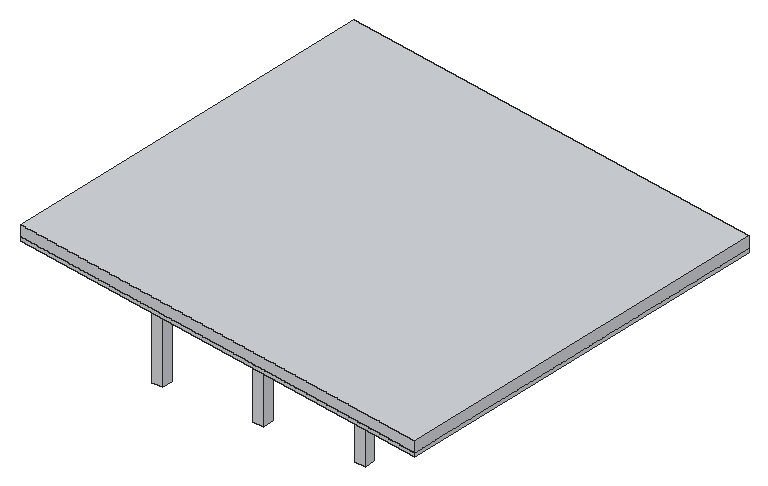
Revit family "ДэЗ_тип3 - Зонтик", category Обобщенные модели, Revit 2019
Family settings
  Может служить основой для арматурных стержней = Нет
  Размер круглого соединителя = Использовать диаметр
  Тип детали = Нормальный
  На основе рабочей плоскости = Нет
  Всегда вертикально = Да
  При загрузке вырезать с полостями = Нет
  Общий = Нет
  Точка расчета площади = Нет
Parameters
  Ширина зонта [instance] = 1140 mm
  М.Покрытие = none
  М.Конструктив = none
  Глубина зонта [instance] = 1080 mm
  Высота покрытия зонта [instance] = 150 mm
  Высота зонта [instance] = 362 mm
  t2 = 10 mm
  t1 = 30 mm
  a = 30 mm
  L2 [instance] = (Глубина зонта - a * 3) / 4  # 247.5 mm
  L1 [instance] = 800 mm
Reference planes
  plane 1 "По центру (Вперед/Назад)": y = 0
  plane 2: z = 0
  plane 3 "По центру (Влево/Вправо)": x = 0
  plane 4: x = 1080
  plane 5: y = 570
  plane 6: y = -570
  plane 7: z = 362
  plane 8: z = 212
  plane 9: x = 247.5
  plane 10: y = 400
  plane 11: y = -400
  plane 12: x = 277.5
  plane 13: y = 430
  plane 14: y = -430
  plane 15: x = 525
  plane 16: x = 555
  plane 17: x = 802.5
  plane 18: x = 832.5
Forms (mm)
  Extrusion 1, solid, material <- "М.Покрытие"
    sketch origin (0, 0, 0) x (1, 0, 0) y (0, 0, 1)
      loop
        line (0, 362) -> (0, 331.712) -> (1080, 181.712) -> (1080, 212) -> (0, 362)
    from -570 to 570
  Extrusion 2, solid, material <- "М.Конструктив"
    sketch origin (0, 0, 0) x (1, 0, 0) y (0, 0, 1)
      loop
        line (0, 331.712) -> (0, 321.616) -> (1080, 171.616) -> (1080, 181.712) -> (0, 331.712)
    from -570 to 570
  Extrusion 3, solid, material <- "М.Конструктив"
    sketch origin (0, 0, 0) x (1, 0, 0) y (0, 1, 0)
      loop
        line (277.5, 400) -> (277.5, 430) -> (247.5, 430) -> (247.5, 400) -> (277.5, 400)
      loop
        line (277.5, -400) -> (247.5, -400) -> (247.5, -430) -> (277.5, -430) -> (277.5, -400)
    from 0 to 362
  Extrusion 4, void
    sketch origin (0, 0, 0) x (1, 0, 0) y (0, 0, 1)
      loop
        line (0, 362) -> (0, 321.616) -> (1080, 171.616) -> (1080, 362) -> (0, 362)
    from -570 to 570
  Extrusion 5, solid, material <- "М.Конструктив"
    sketch origin (200, 0, 0) x (1, 0, 0) y (0, 1, 0)
      loop
        line (355, 400) -> (355, 430) -> (325, 430) -> (325, 400) -> (355, 400)
      loop
        line (355, -400) -> (325, -400) -> (325, -430) -> (355, -430) -> (355, -400)
    from 0 to 362
  Extrusion 6, solid, material <- "М.Конструктив"
    sketch origin (400, 0, 0) x (1, 0, 0) y (0, 1, 0)
      loop
        line (432.5, 400) -> (432.5, 430) -> (402.5, 430) -> (402.5, 400) -> (432.5, 400)
      loop
        line (432.5, -400) -> (402.5, -400) -> (402.5, -430) -> (432.5, -430) -> (432.5, -400)
    from 0 to 362
Cuts and joins
  Extrusion 4 cuts Extrusion 3
  Extrusion 4 cuts Extrusion 6
  Extrusion 4 cuts Extrusion 5
Dimensions and locks
  "Глубина зонта": plane 3 "По центру (Влево/Вправо)" to plane 4
  equal spacing: plane 5, plane 1 "По центру (Вперед/Назад)", plane 6
  "Ширина зонта": plane 5 to plane 6
  "Высота зонта": plane 7 to level
  "Высота покрытия зонта": plane 7 to plane 8
  "L1": plane 10 to plane 11
  equal spacing: plane 10, plane 1 "По центру (Вперед/Назад)", plane 11
  "a": plane 9 to plane 12
  "a": plane 13 to plane 10
  "a": plane 11 to plane 14
  "a": plane 15 to plane 16
  "a": plane 17 to plane 18
  "L2": plane 9 to plane 3 "По центру (Влево/Вправо)"
  "L2": plane 12 to plane 15
  "L2": plane 16 to plane 17
  aligned and locked: level to plane 2
  aligned and locked: plane 4 to Extrusion 1 sketch curve
  aligned and locked: plane 5 to Extrusion 1
  aligned and locked: plane 6 to Extrusion 1
  aligned and locked: plane 4 to Extrusion 2 sketch curve
  aligned and locked: plane 5 to Extrusion 2
  aligned and locked: plane 6 to Extrusion 2
  aligned and locked: Extrusion 3 sketch curve to plane 10
  aligned and locked: plane 9 to Extrusion 3 sketch curve
  aligned and locked: plane 11 to Extrusion 3 sketch curve
  aligned and locked: plane 14 to Extrusion 3 sketch curve
  aligned and locked: plane 12 to Extrusion 3 sketch curve
  aligned and locked: Extrusion 3 sketch curve to plane 13
  aligned and locked: Extrusion 4 sketch curve to plane 7
  aligned and locked: plane 4 to Extrusion 4 sketch curve
  aligned and locked: plane 5 to Extrusion 4
  aligned and locked: plane 6 to Extrusion 4
  aligned and locked: Extrusion 1 sketch curve to plane 3 "По центру (Влево/Вправо)"
  aligned and locked: Extrusion 2 sketch curve to plane 3 "По центру (Влево/Вправо)"
  aligned and locked: Extrusion 4 sketch curve to plane 3 "По центру (Влево/Вправо)"
  aligned and locked: plane 15 to Extrusion 5 sketch curve
  aligned and locked: plane 16 to Extrusion 5 sketch curve
  aligned and locked: plane 17 to Extrusion 6 sketch curve
  aligned and locked: plane 18 to Extrusion 6 sketch curve
  aligned and locked: plane 7 to Extrusion 5
  aligned and locked: plane 7 to Extrusion 6
  aligned and locked: plane 7 to Extrusion 3
Automatic sketch dimensions
  Extrusion 3 sketch curve to plane 9 = 0 mm
  Extrusion 3 sketch curve to plane 12 = 0 mm
  Extrusion 5 sketch curve to plane 14 = 0 mm
  Extrusion 5 sketch curve to plane 15 = 0 mm
  Extrusion 5 sketch curve to plane 16 = 0 mm
  Extrusion 5 sketch curve to plane 11 = 0 mm
  plane 10 to Extrusion 5 sketch curve = 0 mm
  plane 13 to Extrusion 5 sketch curve = 0 mm
  Extrusion 6 sketch curve to plane 14 = 0 mm
  Extrusion 6 sketch curve to plane 17 = 0 mm
  Extrusion 6 sketch curve to plane 18 = 0 mm
  Extrusion 6 sketch curve to plane 11 = 0 mm
  plane 10 to Extrusion 6 sketch curve = 0 mm
  plane 13 to Extrusion 6 sketch curve = 0 mm
  Extrusion 1 sketch curve to plane 8 = 0 mm
  Extrusion 1 sketch curve to plane 7 = 0 mm
  Extrusion 1 sketch curve to plane 8 = 30.288 mm
  Extrusion 1 sketch curve to plane 7 = 30.288 mm
  Extrusion 2 sketch curve to Extrusion 2 sketch curve = 10.096 mm  (x2)
  Extrusion 2 sketch curve to plane 8 = 40.384 mm
  Extrusion 2 sketch curve to plane 7 = 40.384 mm
  Extrusion 4 sketch curve to plane 7 = 40.384 mm
  Extrusion 4 sketch curve to plane 8 = 40.384 mm
